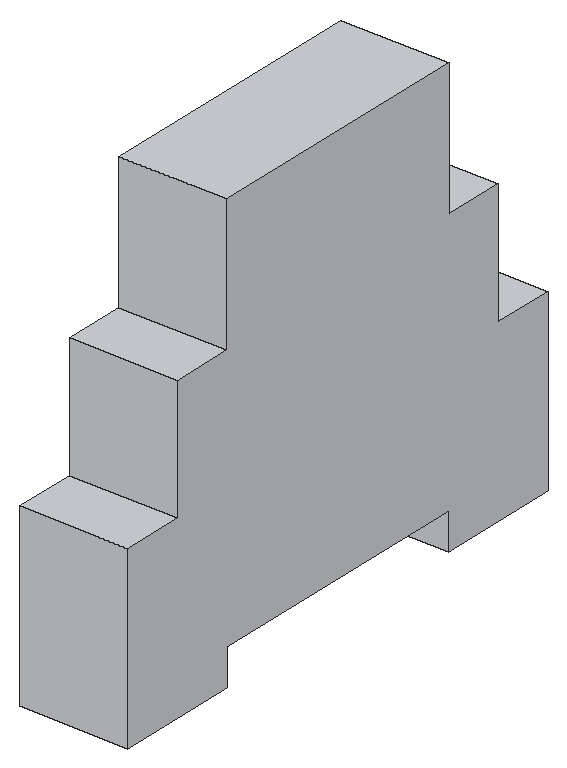
Revit family "Power-ModularDevices-GEWISS-90AM-SWITCH_DISCONNECTOR_COMPACT", category Apparecchi elettrici, host Superficie, Revit 2016
Family settings
  Host = Superficie
  Mantenere orientamento annotazione = Sì
  Tipo di parte = Normale
  Quota connettore circolare = Usa diametro
  Numero OmniClass = 23.80.50.00
  Titolo OmniClass = Terminals for Power Supply
  Taglio con vuoti quando caricato = No
  Condiviso = No
  Punto di calcolo locali = Sì
Parameters (values of type "GW96538 - COMP. ISOL. SWITCH 4P 32A 250-415V - 1 M")
  tipo = GENERICO - 90AM SEZIONATORI COMPATTI : GW96538
  potenza in watt = 0 V
  carico = Altro
  Version file RFA = "18.0"
  URL = "https://www.gewiss.com/ww/en"
  Technical sheet = "https://www.gewiss.com/ww/en/search?q=GW96538"
  Standard = "EN 60669-2-4"
  SEO = "Switch"
  Realized by GEWISS S.p.A. = ""
  Rated voltage = "250-415V"
  Rated current: = "32A"
  Rated current (In) = "32A"
  Default Elevation = 1219.2 mm
  Produttore = "GEWISS S.p.A."
  Numero di poli = 1
  Number of poles = "4P"
  No. of poles = "4P"
  No. of modules EN 50022 = "1"
  No. Chorus modules = "1"
  Modello = "GW96538"
  Immagine tipo = GW96531.jpg
  IFC.TypeObject = ""
  IFC.ExportType = ""
  IFC.ExportAs = ""
  IDT = "b3914ede-b64d-4a60-9673-751a2c062d9d"
  IDF = "ce60012e-9a15-4dd2-b63d-47a58cb0e9a0"
  Electrocod = "1422"
  EAN code = "8011564447882"
  Descrizione = "COMP. ISOL. SWITCH 4P 32A 250-415V - 1 M"
  Control coil voltage (V) = ""
  Contacts = ""
  Catalogue Range = "90 AM"
  Catalogue = "POWER"
  COBie.Tagnumber = ""
  COBie.CreatedOn = ""
  COBie.CreatebBy = ""
  COBie.ComponentRegisterItemID = ""
  COBie.Component.TagNumber = ""
  COBie.Component.Space = ""
  COBie.Component.SerialNumber = ""
  COBie.Component.InstallationDate = ""
  COBie.Component.Description = ""
  COBie.Component.BarCode = ""
  Barra_DIN [instance] = 3 mm
Types (9, lengths in mm): name | tipo | URL | Technical sheet | Rated voltage | Rated current: | Rated current (In) | Produttore | Number of poles | No. of poles | Modello | IDT | EAN code | Descrizione
  (no name) | GENERICO - 90AM SEZIONATORI COMPATTI : GW96531 | 0 | "" | "" | "" | "" | "GEWISS" | "" | "" | "GW96531" | "" | "" | "INTERR. SEZ. COMP. 1P 16A 250V - 1M"
  GW96538 - COMP. ISOL. SWITCH 4P 32A 250-415V - 1 M | GENERICO - 90AM SEZIONATORI COMPATTI : GW96538 | "https://www.gewiss.com/ww/en" | "https://www.gewiss.com/ww/en/search?q=GW96538" | "250-415V" | "32A" | "32A" | "GEWISS S.p.A." | "4P" | "4P" | "GW96538" | "b3914ede-b64d-4a60-9673-751a2c062d9d" | "8011564447882" | "COMP. ISOL. SWITCH 4P 32A 250-415V - 1 M"
  GW96537 - COMP. ISOL. SWITCH 4P 16A 250-415V - 1 M | GENERICO - 90AM SEZIONATORI COMPATTI : GW96537 | "https://www.gewiss.com/ww/en" | "https://www.gewiss.com/ww/en/search?q=GW96537" | "250-415V" | "16A" | "16A" | "GEWISS S.p.A." | "4P" | "4P" | "GW96537" | "aed86521-4602-4afd-be41-53d919ef9d5b" | "8011564447875" | "COMP. ISOL. SWITCH 4P 16A 250-415V - 1 M"
  GW96536 - COMP. ISOL. SWITCH 3P 32A 250-415V - 1 M | GENERICO - 90AM SEZIONATORI COMPATTI : GW96536 | "https://www.gewiss.com/ww/en" | "https://www.gewiss.com/ww/en/search?q=GW96536" | "250-415V" | "32A" | "32A" | "GEWISS S.p.A." | "3P" | "3P" | "GW96536" | "cdd05777-f639-4c57-a675-8dd509c6f27f" | "8011564447868" | "COMP. ISOL. SWITCH 3P 32A 250-415V - 1 M"
  GW96535 - COMP. ISOL. SWITCH 3P 16A 250-415V - 1 M | GENERICO - 90AM SEZIONATORI COMPATTI : GW96535 | "https://www.gewiss.com/ww/en" | "https://www.gewiss.com/ww/en/search?q=GW96535" | "250-415V" | "16A" | "16A" | "GEWISS S.p.A." | "3P" | "3P" | "GW96535" | "1eb7df8f-3bcf-464b-9d2c-618e13afb591" | "8011564448537" | "COMP. ISOL. SWITCH 3P 16A 250-415V - 1 M"
  GW96534 - COMP. ISOL. SWITCH 2P 32A 250-415V - 1 M | GENERICO - 90AM SEZIONATORI COMPATTI : GW96534 | "https://www.gewiss.com/ww/en" | "https://www.gewiss.com/ww/en/search?q=GW96534" | "250-415V" | "32A" | "32A" | "GEWISS S.p.A." | "2P" | "2P" | "GW96534" | "c037856f-4f32-4b29-87a9-28347f3a6aab" | "8011564447738" | "COMP. ISOL. SWITCH 2P 32A 250-415V - 1 M"
  GW96533 - COMP. ISOL. SWITCH 2P 16A 250-415V - 1 M | GENERICO - 90AM SEZIONATORI COMPATTI : GW96533 | "https://www.gewiss.com/ww/en" | "https://www.gewiss.com/ww/en/search?q=GW96533" | "250-415V" | "16A" | "16A" | "GEWISS S.p.A." | "2P" | "2P" | "GW96533" | "f569a77c-ee44-4422-9e78-f4c643c30014" | "8011564447721" | "COMP. ISOL. SWITCH 2P 16A 250-415V - 1 M"
  GW96532 - COMP. ISOL. SWITCH 1P 32A 250V - 1 M | GENERICO - 90AM SEZIONATORI COMPATTI : GW96532 | "https://www.gewiss.com/ww/en" | "https://www.gewiss.com/ww/en/search?q=GW96532" | "250V" | "32A" | "32A" | "GEWISS S.p.A." | "1P" | "1P" | "GW96532" | "0fdd01a8-73b5-4d24-b53e-65403f66fe60" | "8011564447714" | "COMP. ISOL. SWITCH 1P 32A 250V - 1 M"
  GW96531 - COMP. ISOL. SWITCH 1P 16A 250V - 1 M | GENERICO - 90AM SEZIONATORI COMPATTI : GW96531 | "https://www.gewiss.com/ww/en" | "https://www.gewiss.com/ww/en/search?q=GW96531" | "250V" | "16A" | "16A" | "GEWISS S.p.A." | "1P" | "1P" | "GW96531" | "7fd66628-73c1-413c-8169-cb51721b8c58" | "8011564447707" | "COMP. ISOL. SWITCH 1P 16A 250V - 1 M"
Values of the unnamed type that differ from the named types
  Version file RFA = ""
  Standard = ""
  SEO = ""
  No. of modules EN 50022 = ""
  No. Chorus modules = ""
  IDF = ""
  Electrocod = ""
  Catalogue Range = ""
  Catalogue = ""
Reference planes
  plane 1 "Centro (Fronte/Retro)": y = 0
  plane 2: z = 0
  plane 3 "Centro (Sinistra/Destra)": x = 0
  plane 4: z = 3
Dimensions and locks
  "Barra_DIN": host face to plane 4
  aligned and locked: plane 2 to host face
  aligned and locked: level to host face
  aligned and locked: plane 1 "Centro (Fronte/Retro)" to nested 1
Automatic sketch dimensions
  host sketch curve to host sketch curve = 2438.4 mm  (x2)
Nested families
  nested 1: "GENERICO - 90AM SEZIONATORI COMPATTI" at (0, 0, 3), type <- "tipo", type "GW96538"
Connectors
  electrical at (0, 42.5, 18.5), driven by "Numero di poli", driven by "carico"
    settings: on nested 1, index 1, voltage 230 V, apparent load 0 VA, apparent load phase1 0 VA, apparent load phase2 0 VA, apparent load phase3 0 VA, power factor 1, load classification "Altro", number of poles 1, system type 31, power factor state 1, is connector primary yes, connector utility no, sub classification motor no, connector description ""
Definition of nested family "GENERICO - 90AM SEZIONATORI COMPATTI"
  Parameters (values of type "GW96538")
    h_barra din = if(Altezza barre = 1 mm, 69.9 mm, if(Altezza barre = 2 mm, 115.8 mm, 0 mm))  # 0 mm
    Tipo = 33
    H = if(AB_O = 1, AB_V, if(AB_O = 2, AB_H, 50.8 mm))  # 50.8 mm
    GW96537 = yes
    GW96535 = yes
    GW96533 = Tipo = 33  # yes
    GW96531 = Tipo = 31  # no
    Dist barra din = 0 mm  # constant formula
    C1 = 49 mm  # constant formula
    C = 65 mm  # constant formula
    B = 85 mm  # constant formula
    Altezza barre = 5 mm  # constant formula
    AB_V = 3 mm  # constant formula
    AB_H = 5 mm  # constant formula
    AB_O = 0  # constant formula
    A = 17.5 mm  # constant formula
  Types (8, lengths in mm): name | Tipo | GW96533 | GW96531
    GW96531 | 31 | no | yes
    GW96532 | 31 | no | yes
    GW96533 | 33 | yes | no
    GW96534 | 33 | yes | no
    GW96535 | 33 | yes | no
    GW96536 | 33 | yes | no
    GW96537 | 33 | yes | no
    GW96538 | 33 | yes | no
  Reference planes
    plane 1 "Centro (Fronte/Retro)": y = 0
    plane 2: z = 0
    plane 3 "Centro (Sinistra/Destra)": x = 0
    plane 4: y = -42.5
    plane 5: y = 42.5
    plane 6: z = 0
    plane 7: z = -6
    plane 8 "top": z = 65
    plane 9 "incasso": z = 43
    plane 10: y = -22.5
    plane 11: y = 22.5
    plane 12: x = -8.75
    plane 13: x = 8.75
    plane 14: through (4267.2, -42.5, 9) normal (0, -0.1901, 0.9818)
    plane 15 "retro": z = 23
    plane 16: y = -32.5
    plane 17: y = 32.5
  Forms (mm)
    Extrusion 1, solid
      sketch origin (0, 0, 0) x (0, 1, 0) y (0, 0, 1)
        loop
          line (-22.5, 0) -> (22.5, 0) -> (22.5, -6) -> (42.5, -6) -> (42.5, 23) -> (32.5, 23) -> (32.5, 43) -> (22.5, 43) -> (22.5, 65) -> (-22.5, 65) -> (-22.5, 43) -> (-32.5, 43) -> (-32.5, 23) -> (-42.5, 23) -> (-42.5, -6) -> (-22.5, -6) -> (-22.5, 0)
      from -8.75 to 8.75
  Lines and regions (mm)
    symbolic lines
      curve 1: line (0, 0, 15) -> (0, 0, -6)
      curve 2: line (0, -22.5, 0) -> (0, 22.5, 0)
    model lines, detail levels fine
      curve 3: line (-5.08, -19.371, 65) -> (-5.08, -21.488, 65)
      curve 4: line (-5.08, -21.488, 65) -> (-5.789, -21.488, 65)
      curve 5: line (-5.789, -21.488, 65) -> (-6.201, -21.436, 65)
      curve 6: line (-6.201, -21.436, 65) -> (-6.704, -21.213, 65)
      curve 7: line (-6.704, -21.213, 65) -> (-7.103, -20.842, 65)
      curve 8: line (-7.103, -20.842, 65) -> (-7.368, -20.343, 65)
      curve 9: line (-7.368, -20.343, 65) -> (-7.45, -19.81, 65)
      curve 10: line (-7.45, -19.81, 65) -> (-7.371, -19.32, 65)
      curve 11: line (-7.371, -19.32, 65) -> (-7.158, -18.887, 65)
      curve 12: line (-7.158, -18.887, 65) -> (-6.777, -18.492, 65)
      curve 13: line (-6.777, -18.492, 65) -> (-6.315, -18.252, 65)
      curve 14: line (-6.315, -18.252, 65) -> (-5.796, -18.166, 65)
      curve 15: line (-5.796, -18.166, 65) -> (-5.08, -18.166, 65)
      curve 16: line (-5.08, -18.166, 65) -> (-5.08, -19.079, 65)
      curve 17: line (-5.08, -19.079, 65) -> (-6.285, -19.079, 65)
      curve 18: line (-6.285, -19.079, 65) -> (-6.285, -20.575, 65)
      curve 19: line (-6.285, -20.575, 65) -> (-5.992, -20.575, 65)
      curve 20: line (-5.992, -20.575, 65) -> (-5.992, -19.371, 65)
      curve 21: line (-5.992, -19.371, 65) -> (-5.08, -19.371, 65)
      curve 22: line (-2.215, -21.488, 65) -> (-4.788, -21.488, 65)
      curve 23: line (-4.788, -21.488, 65) -> (-4.788, -18.166, 65)
      curve 24: line (-4.788, -18.166, 65) -> (-3.42, -18.166, 65)
      curve 25: line (-3.42, -18.166, 65) -> (-3.42, -19.079, 65)
      curve 26: line (-3.42, -19.079, 65) -> (-3.876, -19.079, 65)
      curve 27: line (-3.876, -19.079, 65) -> (-3.876, -19.371, 65)
      curve 28: line (-3.876, -19.371, 65) -> (-2.215, -19.371, 65)
      curve 29: line (-2.215, -19.371, 65) -> (-2.215, -20.283, 65)
      curve 30: line (-2.215, -20.283, 65) -> (-3.876, -20.283, 65)
      curve 31: line (-3.876, -20.283, 65) -> (-3.876, -20.575, 65)
      curve 32: line (-3.876, -20.575, 65) -> (-2.215, -20.575, 65)
      curve 33: line (-2.215, -20.575, 65) -> (-2.215, -21.488, 65)
      curve 34: line (2.438, -21.488, 65) -> (2.438, -19.371, 65)
      curve 35: line (2.438, -19.371, 65) -> (1.525, -19.371, 65)
      curve 36: line (1.525, -19.371, 65) -> (1.525, -21.488, 65)
      curve 37: line (1.525, -21.488, 65) -> (2.438, -21.488, 65)
      curve 38: line (-0.619, -21.488, 65) -> (-0.345, -20.119, 65)
      curve 39: line (-0.345, -20.119, 65) -> (-0.071, -21.488, 65)
      curve 40: line (-0.071, -21.488, 65) -> (0.841, -21.488, 65)
      curve 41: line (0.841, -21.488, 65) -> (1.407, -19.079, 65)
      curve 42: line (1.407, -19.079, 65) -> (2.438, -19.079, 65)
      curve 43: line (2.438, -19.079, 65) -> (2.438, -18.166, 65)
      curve 44: line (2.438, -18.166, 65) -> (0.686, -18.166, 65)
      curve 45: line (0.686, -18.166, 65) -> (0.358, -19.572, 65)
      curve 46: line (0.358, -19.572, 65) -> (0.13, -18.166, 65)
      curve 47: line (0.13, -18.166, 65) -> (-0.819, -18.166, 65)
      curve 48: line (-0.819, -18.166, 65) -> (-1.047, -19.572, 65)
      curve 49: line (-1.047, -19.572, 65) -> (-1.376, -18.166, 65)
      curve 50: line (-1.376, -18.166, 65) -> (-3.128, -18.166, 65)
      curve 51: line (-3.128, -18.166, 65) -> (-3.128, -19.079, 65)
      curve 52: line (-3.128, -19.079, 65) -> (-2.097, -19.079, 65)
      curve 53: line (-2.097, -19.079, 65) -> (-1.532, -21.488, 65)
      curve 54: line (-1.532, -21.488, 65) -> (-0.619, -21.488, 65)
      curve 55: line (5.303, -18.166, 65) -> (2.73, -18.166, 65)
      curve 56: line (2.73, -18.166, 65) -> (2.73, -20.283, 65)
      curve 57: line (2.73, -20.283, 65) -> (4.39, -20.283, 65)
      curve 58: line (4.39, -20.283, 65) -> (4.39, -20.575, 65)
      curve 59: line (4.39, -20.575, 65) -> (2.73, -20.575, 65)
      curve 60: line (2.73, -20.575, 65) -> (2.73, -21.488, 65)
      curve 61: line (2.73, -21.488, 65) -> (5.303, -21.488, 65)
      curve 62: line (5.303, -21.488, 65) -> (5.303, -19.371, 65)
      curve 63: line (5.303, -19.371, 65) -> (3.642, -19.371, 65)
      curve 64: line (3.642, -19.371, 65) -> (3.642, -19.079, 65)
      curve 65: line (3.642, -19.079, 65) -> (5.303, -19.079, 65)
      curve 66: line (5.303, -19.079, 65) -> (5.303, -18.166, 65)
      curve 67: line (5.595, -18.166, 65) -> (5.595, -20.283, 65)
      curve 68: line (5.595, -20.283, 65) -> (7.143, -20.283, 65)
      curve 69: line (7.143, -20.283, 65) -> (7.143, -20.575, 65)
      curve 70: line (7.143, -20.575, 65) -> (5.595, -20.575, 65)
      curve 71: line (5.595, -20.575, 65) -> (5.595, -21.488, 65)
      curve 72: line (5.595, -21.488, 65) -> (6.507, -21.488, 65)
      curve 73: line (6.507, -21.488, 65) -> (7.034, -21.318, 65)
      curve 74: line (7.034, -21.318, 65) -> (7.374, -21.097, 65)
      curve 75: line (7.374, -21.097, 65) -> (7.764, -20.619, 65)
      curve 76: line (7.764, -20.619, 65) -> (7.945, -20.083, 65)
      curve 77: line (7.945, -20.083, 65) -> (7.95, -19.607, 65)
      curve 78: line (7.95, -19.607, 65) -> (7.901, -19.371, 65)
      curve 79: line (7.901, -19.371, 65) -> (6.507, -19.371, 65)
      curve 80: line (6.507, -19.371, 65) -> (6.507, -19.079, 65)
      curve 81: line (6.507, -19.079, 65) -> (7.776, -19.079, 65)
      curve 82: line (7.776, -19.079, 65) -> (7.611, -18.803, 65)
      curve 83: line (7.611, -18.803, 65) -> (7.374, -18.557, 65)
      curve 84: line (7.374, -18.557, 65) -> (7.044, -18.34, 65)
      curve 85: line (7.044, -18.34, 65) -> (6.699, -18.214, 65)
      curve 86: line (6.699, -18.214, 65) -> (6.311, -18.166, 65)
      curve 87: line (6.311, -18.166, 65) -> (5.595, -18.166, 65)
    model lines, detail levels medium+fine
      curve 88: line (4.2, 2.39, 65) -> (4.2, -7.321, 65)
      curve 89: line (4.2, -7.321, 65) -> (-4, -7.321, 65)
      curve 90: line (-4, -7.321, 65) -> (-4, 2.39, 65)
      curve 91: line (-3.6, 2.233, 65) -> (3.8, 2.233, 65)
      curve 92: line (3.8, 2.233, 65) -> (3.8, 0.814, 65)
      curve 93: line (3.8, 0.814, 65) -> (-3.6, 0.814, 65)
      curve 94: line (-3.6, 0.814, 65) -> (-3.6, 2.233, 65)
      curve 95: line (-8.3, 2.39, 65) -> (8.5, 2.39, 65)
      curve 96: line (8.5, 2.39, 65) -> (8.5, 7.088, 65)
      curve 97: line (8.5, 7.088, 65) -> (-8.3, 7.088, 65)
      curve 98: line (-8.3, 7.088, 65) -> (-8.3, 2.39, 65)
      curve 99: line (-8.3, 8.852, 65) -> (8.7, 8.852, 65)
      curve 100: line (8.95, -10.986, 65) -> (-8.75, -10.986, 65)
      curve 101: line (-8.9, -3.715, 65) -> (-8.022, -3.512, 65)
      curve 102: line (-8.022, -3.512, 65) -> (-7.407, -3.045, 65)
      curve 103: line (-7.407, -3.045, 65) -> (-6.985, -2.29, 65)
      curve 104: line (-6.985, -2.29, 65) -> (-6.9, -1.715, 65)
      curve 105: line (-6.9, -1.715, 65) -> (-6.985, -1.14, 65)
      curve 106: line (-6.985, -1.14, 65) -> (-7.407, -0.384, 65)
      curve 107: line (-7.407, -0.384, 65) -> (-8.022, 0.082, 65)
      curve 108: line (-8.022, 0.082, 65) -> (-8.9, 0.285, 65)
      curve 109: line (9.1, -3.715, 65) -> (8.222, -3.512, 65)
      curve 110: line (8.222, -3.512, 65) -> (7.607, -3.045, 65)
      curve 111: line (7.607, -3.045, 65) -> (7.184, -2.29, 65)
      curve 112: line (7.184, -2.29, 65) -> (7.1, -1.715, 65)
      curve 113: line (7.1, -1.715, 65) -> (7.184, -1.14, 65)
      curve 114: line (7.184, -1.14, 65) -> (7.607, -0.384, 65)
      curve 115: line (7.607, -0.384, 65) -> (8.222, 0.082, 65)
      curve 116: line (8.222, 0.082, 65) -> (9.1, 0.285, 65)
    model lines, visible <- "GW96531"
      curve 117: circle (-4.236, -27.367, 43) r 2.479 normal (0, 0, 1)
      curve 118: circle (4.36, -27.367, 43) r 2.479 normal (0, 0, 1)
      curve 119: circle (-4.236, 27.054, 43) r 2.479 normal (0, 0, -1)
      curve 120: circle (4.36, 27.054, 43) r 2.479 normal (0, 0, -1)
    model lines, visible <- "GW96533"
      curve 121: circle (-4.312, -27.367, 43) r 2.479 normal (0, 0, 1)
      curve 122: circle (4.284, -27.367, 43) r 2.479 normal (0, 0, 1)
      curve 123: circle (-4.233, 27.054, 43) r 2.479 normal (0, 0, -1)
      curve 124: circle (4.363, 27.054, 43) r 2.479 normal (0, 0, -1)
    model lines, visible <- "GW96535"
      curve 125: circle (-4.312, -38.88, 23) r 2.479 normal (0, 0, 1)
      curve 126: circle (4.284, -38.867, 23) r 2.479 normal (0, 0, 1)
      curve 127: circle (-4.312, 37.174, 23) r 2.479 normal (0, 0, 1)
      curve 128: circle (4.284, 37.187, 23) r 2.479 normal (0, 0, 1)
    model lines, visible <- "GW96537"
      curve 129: circle (-4.312, -38.88, 23) r 2.479 normal (0, 0, 1)
      curve 130: circle (4.284, -38.88, 23) r 2.479 normal (0, 0, 1)
      curve 131: circle (-4.312, 37.139, 23) r 2.479 normal (0, 0, -1)
      curve 132: circle (4.284, 37.139, 23) r 2.479 normal (0, 0, -1)
  Text (mm)
    text "AB_V" at (0, 50.868, 44.72), in view "Destra"
    text "AB_O" at (0, -80.659, 111.963), in view "Destra"
  Dimensions and locks
    equal spacing: plane 4, plane 1 "Centro (Fronte/Retro)", plane 5
    "B": plane 4 to plane 5
    "Dist barra din": plane 6 to level
    locked: plane 6 to plane 7 at 6
    "C": plane 8 "top" to plane 6
    equal spacing: plane 10, plane 1 "Centro (Fronte/Retro)", plane 11
    plane 10 to plane 11 = 45 mm
    equal spacing: plane 12, plane 3 "Centro (Sinistra/Destra)", plane 13
    "A": plane 12 to plane 13
    "C1": plane 9 "incasso" to plane 7
    locked: plane 16 to plane 10 at 10
    locked: plane 11 to plane 17 at 10
    angle level to plane 14 = 10.9557°
    angle plane 4 to plane 8 "top" = 90.00°
    aligned and locked: level to plane 2
    aligned and locked: Extrusion 1 sketch curve to plane 6
    aligned and locked: Extrusion 1 sketch curve to plane 7
    aligned and locked: Extrusion 1 sketch curve to plane 4
    aligned and locked: Extrusion 1 sketch curve to plane 11  (x2)
    aligned and locked: Extrusion 1 sketch curve to plane 10
    aligned and locked: plane 1 "Centro (Fronte/Retro)" to curve 1
    aligned and locked: Extrusion 1 to plane 6
    aligned and locked: Extrusion 1 to plane 12
    aligned and locked: plane 13 to Extrusion 1
    aligned and locked: plane 10 to Extrusion 1 sketch curve
    aligned and locked: Extrusion 1 sketch curve to plane 9 "incasso"
    aligned and locked: plane 9 "incasso" to Extrusion 1 sketch curve
    aligned and locked: Extrusion 1 sketch curve to plane 5
    aligned and locked: Extrusion 1 sketch curve to plane 16
    aligned and locked: Extrusion 1 sketch curve to plane 17
    aligned and locked: Extrusion 1 sketch curve to plane 15 "retro"
    aligned and locked: plane 15 "retro" to Extrusion 1 sketch curve
  Automatic sketch dimensions
    Extrusion 1 sketch curve to plane 7 = 0 mm
    Extrusion 1 sketch curve to plane 8 "top" = 0 mm
    curve 2 to level = 0 mm
    curve 2 to plane 10 = 0 mm
    curve 2 to plane 11 = 0 mm
    curve 1 to plane 7 = 0 mm
    plane 15 "retro" to curve 1 = 8 mm
    curve 100 to plane 12 = 0 mm
    plane 12 to curve 98 = 0.45 mm
    curve 98 to plane 1 "Centro (Fronte/Retro)" = 7.088 mm
    curve 98 to plane 1 "Centro (Fronte/Retro)" = 2.39 mm
    curve 88 to curve 92 = 0.157 mm
    curve 94 to plane 1 "Centro (Fronte/Retro)" = 0.814 mm
    curve 108 to plane 1 "Centro (Fronte/Retro)" = 0.082 mm
    curve 115 to plane 1 "Centro (Fronte/Retro)" = 0.082 mm
    plane 1 "Centro (Fronte/Retro)" to curve 106 = 0.384 mm
    plane 1 "Centro (Fronte/Retro)" to curve 114 = 0.384 mm
    curve 106 to curve 106 = 0.755 mm
    curve 114 to curve 114 = 0.755 mm
    curve 105 to curve 105 = 0.575 mm
    curve 113 to curve 113 = 0.575 mm
    curve 112 to curve 111 = 0.575 mm
    curve 104 to curve 103 = 0.575 mm
    curve 110 to plane 13 = 1.143 mm
    curve 111 to curve 110 = 0.755 mm
    plane 12 to curve 103 = 1.343 mm
    curve 103 to curve 103 = 0.755 mm
    plane 12 to curve 101 = 0.728 mm
    curve 102 to curve 101 = 0.466 mm
    curve 110 to plane 13 = 0.528 mm
    curve 110 to curve 110 = 0.466 mm
    curve 110 to curve 89 = 4.276 mm
    plane 10 to curve 87 = 4.334 mm
    curve 48 to plane 3 "Centro (Sinistra/Destra)" = 0.819 mm
    plane 10 to curve 48 = 4.334 mm
    curve 46 to curve 56 = 0 mm
    curve 16 to curve 47 = 0 mm
    curve 15 to curve 51 = 0 mm
    curve 15 to curve 23 = 0 mm
    curve 43 to curve 55 = 0 mm
    curve 86 to plane 13 = 2.051 mm
    curve 86 to curve 86 = 0.048 mm
    curve 14 to curve 13 = 0.085 mm
    curve 84 to plane 13 = 1.706 mm
    curve 85 to curve 84 = 0.126 mm
    plane 12 to curve 12 = 1.973 mm
    curve 13 to curve 12 = 0.24 mm
    curve 84 to plane 13 = 1.376 mm
    curve 84 to curve 84 = 0.217 mm
    curve 82 to plane 13 = 1.139 mm
    curve 83 to curve 82 = 0.246 mm
    plane 12 to curve 11 = 1.592 mm
    curve 12 to curve 11 = 0.395 mm
    curve 24 to curve 26 = 0.912 mm
    curve 49 to curve 53 = 0.913 mm
    curve 82 to curve 81 = 0.276 mm
    plane 3 "Centro (Sinistra/Destra)" to curve 41 = 1.407 mm
    curve 44 to curve 41 = 0.913 mm
    curve 15 to curve 16 = 0.913 mm
    curve 55 to curve 66 = 0.913 mm
    plane 12 to curve 11 = 1.379 mm
    curve 11 to curve 11 = 0.433 mm
    curve 52 to curve 29 = 0.292 mm
    curve 81 to curve 79 = 0.292 mm
    curve 65 to curve 62 = 0.292 mm
    curve 42 to curve 34 = 0.292 mm
    curve 16 to curve 21 = 0.292 mm
    plane 3 "Centro (Sinistra/Destra)" to curve 45 = 0.358 mm
    curve 41 to curve 45 = 0.493 mm
    curve 48 to plane 3 "Centro (Sinistra/Destra)" = 1.047 mm
    curve 52 to curve 48 = 0.493 mm
    curve 78 to plane 13 = 0.8 mm
    curve 78 to curve 78 = 0.237 mm
    plane 12 to curve 10 = 1.3 mm
    curve 10 to curve 10 = 0.491 mm
    curve 76 to plane 13 = 0.805 mm
    curve 77 to curve 76 = 0.476 mm
    curve 38 to plane 3 "Centro (Sinistra/Destra)" = 0.345 mm
    curve 48 to curve 38 = 0.547 mm
    curve 34 to curve 56 = 0.912 mm
    curve 62 to curve 67 = 0.912 mm
    curve 28 to curve 30 = 0.913 mm
    curve 9 to curve 8 = 0.532 mm
    curve 56 to curve 59 = 0.292 mm
    curve 67 to curve 70 = 0.292 mm
    curve 29 to curve 32 = 0.292 mm
    curve 20 to curve 20 = 1.204 mm
    curve 76 to curve 76 = 0.536 mm
    curve 8 to curve 7 = 0.5 mm
    curve 69 to curve 74 = 0.521 mm
    curve 7 to curve 6 = 0.371 mm
    curve 74 to curve 73 = 0.222 mm
    curve 6 to curve 5 = 0.223 mm
    plane 10 to curve 4 = 1.012 mm
    curve 32 to curve 33 = 0.912 mm
    curve 59 to curve 34 = 0.912 mm
    plane 10 to curve 38 = 1.012 mm
    curve 39 to plane 3 "Centro (Sinistra/Destra)" = 0.071 mm
    curve 38 to curve 39 = 0 mm
    curve 34 to curve 61 = 0 mm
    curve 61 to curve 71 = 0 mm
    plane 12 to curve 108 = 0.728 mm
    curve 107 to curve 107 = 0.615 mm
    curve 9 to curve 9 = 0.082 mm
    curve 8 to curve 8 = 0.265 mm
    curve 102 to curve 104 = 0.422 mm
    curve 106 to curve 105 = 0.422 mm
    curve 103 to curve 104 = 0.085 mm
    curve 7 to curve 7 = 0.4 mm
    curve 12 to curve 13 = 0.461 mm
    curve 6 to curve 19 = 0.419 mm
    curve 6 to curve 5 = 0.503 mm
    curve 18 to curve 20 = 0.293 mm
    curve 13 to curve 14 = 0.519 mm
    curve 5 to curve 4 = 0.411 mm
    curve 4 to curve 4 = 0.709 mm
    curve 16 to curve 3 = 0 mm
    curve 3 to curve 22 = 0.292 mm
    curve 90 to plane 3 "Centro (Sinistra/Destra)" = 4 mm
    curve 3 to curve 27 = 1.204 mm
    curve 27 to curve 31 = 0.001 mm
    curve 90 to curve 94 = 0.4 mm
    curve 26 to curve 24 = 0.457 mm
    curve 24 to curve 51 = 0.292 mm
    curve 29 to curve 48 = 1.168 mm
    curve 29 to curve 33 = 0 mm
    curve 28 to curve 52 = 0.119 mm
    curve 22 to curve 54 = 0.683 mm
    curve 50 to curve 47 = 0.557 mm
    curve 38 to curve 39 = 0.547 mm
    plane 3 "Centro (Sinistra/Destra)" to curve 47 = 0.13 mm
    curve 46 to curve 45 = 0.557 mm
    plane 3 "Centro (Sinistra/Destra)" to curve 41 = 0.841 mm
    curve 41 to curve 36 = 0.119 mm
    curve 36 to curve 37 = 0.912 mm
    curve 43 to curve 34 = 0 mm
    curve 43 to curve 56 = 0.292 mm
    curve 59 to curve 56 = 0 mm
    curve 34 to curve 64 = 1.204 mm
    plane 3 "Centro (Sinistra/Destra)" to curve 92 = 3.8 mm
    plane 3 "Centro (Sinistra/Destra)" to curve 89 = 4.2 mm
    curve 63 to curve 58 = 0.748 mm
    curve 57 to curve 63 = 0.912 mm
    curve 65 to curve 62 = 0 mm
    curve 61 to curve 71 = 0.292 mm
    curve 55 to curve 87 = 0.292 mm
    curve 86 to curve 85 = 0.388 mm
    curve 71 to curve 72 = 0.912 mm
    curve 81 to curve 85 = 0.192 mm
    curve 72 to curve 73 = 0.527 mm
    curve 112 to curve 110 = 0.507 mm
    curve 69 to curve 76 = 0.801 mm
    curve 112 to curve 112 = 0.085 mm
    curve 112 to curve 114 = 0.085 mm
    curve 73 to curve 74 = 0.34 mm
    curve 113 to curve 114 = 0.422 mm
    curve 75 to curve 76 = 0.181 mm
    curve 82 to curve 82 = 0.165 mm
    curve 78 to curve 77 = 0.049 mm
    curve 116 to plane 13 = 0.528 mm
    curve 95 to plane 13 = 0.25 mm
    curve 99 to plane 13 = 0.05 mm
    curve 99 to curve 96 = 1.764 mm
    curve 116 to plane 1 "Centro (Fronte/Retro)" = 0.285 mm
    curve 108 to plane 1 "Centro (Fronte/Retro)" = 0.285 mm
    plane 13 to curve 109 = 0.35 mm
    curve 109 to curve 109 = 0.203 mm
    curve 101 to plane 12 = 0.15 mm
    curve 101 to curve 101 = 0.203 mm
    plane 13 to curve 100 = 0.2 mm
    curve 88 to curve 100 = 3.665 mm
    curve 108 to plane 12 = 0.15 mm
    plane 12 to curve 99 = 0.45 mm
    plane 13 to curve 116 = 0.35 mm
    plane 11 to curve 120 = 4.554 mm
    plane 11 to curve 119 = 4.554 mm
    curve 119 to curve 123 = 0 mm
    curve 120 to curve 124 = 0 mm
    curve 118 to plane 10 = 4.867 mm
    curve 122 to curve 118 = 0 mm
    curve 121 to plane 10 = 4.867 mm
    curve 121 to curve 117 = 0 mm
    curve 123 to plane 3 "Centro (Sinistra/Destra)" = 4.233 mm
    curve 121 to plane 3 "Centro (Sinistra/Destra)" = 4.312 mm
    curve 121 to curve 117 = 0.076 mm
    curve 119 to curve 123 = 0.002 mm
    plane 3 "Centro (Sinistra/Destra)" to curve 122 = 4.284 mm
    plane 3 "Centro (Sinistra/Destra)" to curve 124 = 4.363 mm
    curve 122 to curve 118 = 0.076 mm
    curve 120 to curve 124 = 0.002 mm
    curve 125 to curve 129 = 0 mm  (x2)
    curve 130 to curve 126 = 0.013 mm
    curve 131 to Extrusion 1 = 69.639 mm
    curve 131 to curve 132 = 0 mm
    curve 132 to curve 128 = 0.048 mm
    curve 131 to curve 127 = 0.035 mm
    Extrusion 1 to curve 125 = 4.438 mm
    curve 127 to curve 131 = 0 mm
    Extrusion 1 to curve 128 = 4.466 mm
    curve 132 to curve 128 = 0 mm
    Extrusion 1 to curve 130 = 4.466 mm
    curve 126 to curve 130 = 0 mm
    Extrusion 1 to curve 131 = 4.438 mm
    Extrusion 1 to curve 125 = 3.62 mm
    Extrusion 1 to curve 130 = 3.62 mm
    radius of curve 118 = 2.479 mm
    radius of curve 120 = 2.479 mm
    radius of curve 125 = 2.479 mm
    radius of curve 126 = 2.479 mm
    radius of curve 127 = 2.479 mm
    radius of curve 128 = 2.479 mm
    radius of curve 129 = 2.479 mm
    radius of curve 130 = 2.479 mm
    radius of curve 131 = 2.479 mm
    radius of curve 132 = 2.479 mm
    radius of curve 124 = 2.479 mm
    radius of curve 123 = 2.479 mm
    radius of curve 119 = 2.479 mm
    radius of curve 117 = 2.479 mm
    radius of curve 121 = 2.479 mm
    radius of curve 122 = 2.479 mm
